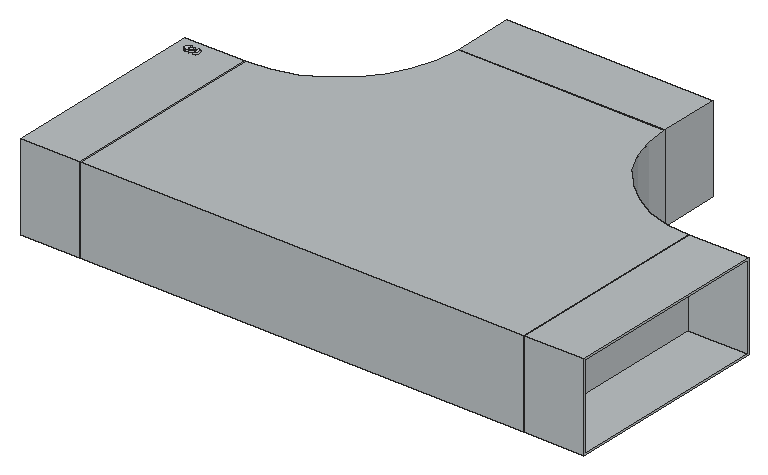
Revit family "NLRS_57_DUF_UN_instortkanaal-stromend-T-stuk-90_LT_velu", category Duct Fittings, Revit 2020
Family settings
  Round Connector Dimension = Use Diameter
  Part Type = Tee
  Work Plane-Based = No
  Always vertical = Yes
  Cut with Voids When Loaded = No
  Shared = No
Parameters (values of type "T-stuk 90 stromend")
  VELU_c03_hoogte [instance] = VELU_c01_hoogte  # 70.00 mm
  VELU_c03_breedte [instance] = VELU_c01_breedte  # 170.00 mm
  VELU_c02_hoogte [instance] = VELU_c01_hoogte  # 70.00 mm
  VELU_c02_breedte [instance] = VELU_c01_breedte  # 170.00 mm
  VELU_c01_hoogte [instance] = if(NLRS_M_c01_hoogte > 70.00 mm, 80.00 mm, 70.00 mm)  # 70.00 mm
  VELU_c01_breedte [instance] = if(VELU_c01_hoogte = 70.00 mm, 170.00 mm, if(NLRS_M_c01_breedte > 220.00 mm, 250.00 mm, if(NLRS_M_c01_breedte > 200.00 mm, 220.00 mm, if(NLRS_M_c01_breedte > 170.00 mm, 200.00 mm, 170.00 mm))))  # 170.00 mm
  VELU_Werkendelengte3 [instance] = (0.5 * VELU_c01_breedte) + VELU_Model_Radius  # 185.00 mm
  VELU_Werkendelengte [instance] = (VELU_c03_breedte) + (2 * VELU_Model_Radius)  # 370.00 mm
  VELU_Show_Warning [instance] = not(VELU_Correcte_Maatvoering)  # no
  VELU_Model_Radius [instance] = size_lookup(VELU_Article_Data, "R", 160.00 mm, VELU_c01_breedte, VELU_c01_hoogte)  # 100.00 mm
  VELU_Model [instance] = size_lookup(VELU_Article_Data, "Model", "NB", VELU_c01_breedte, VELU_c01_hoogte)  # "VIK T-stuk 170 x 70 90"
  VELU_Koppelbus_Li1 [instance] = size_lookup(VELU_Article_Data, "Li1", 50.00 mm, VELU_c01_breedte, VELU_c01_hoogte)  # 50.00 mm
  VELU_Gewicht [instance] = size_lookup(VELU_Article_Data, "kg", 0, VELU_c01_breedte, VELU_c01_hoogte) * 1.00 kg / 100  # 1.20 kg
  VELU_Foutmelding [instance] = if(VELU_Show_Warning, "Ongeldige instort maatvoering!", " ")  # " "
  VELU_Correcte_Maatvoering [instance] = (and(NLRS_M_c01_breedte = VELU_c01_breedte, NLRS_M_c01_hoogte = VELU_c01_hoogte))  # yes
  VELU_Bim-site [instance] = "https://velu.nl/bim"
  VELU_Artikel_code [instance] = size_lookup(VELU_Article_Data, "", "NB", VELU_c01_breedte, VELU_c01_hoogte)  # "5110000111"
  VELU_Article_Data = "T90"  # constant formula
  built-in parameter 1114242 [instance] = 1 = 0  # (empty or 0)
  URL = "https://webshop.velu.nl/overige-woningbouw-componenten/"
  Type Comments = "Enkel geschikt voor VELU instort kanaal maten"  # constant formula
  NLRS_M_c03_hoogte [instance] = NLRS_M_c01_hoogte  # 70.00 mm
  NLRS_M_c03_breedte [instance] = NLRS_M_c01_breedte  # 170.00 mm
  NLRS_M_c02_hoogte [instance] = NLRS_M_c01_hoogte  # 70.00 mm
  NLRS_M_c02_breedte [instance] = NLRS_M_c01_breedte  # 170.00 mm
  NLRS_M_c01_hoogte [instance] = 70.00 mm
  NLRS_M_c01_breedte [instance] = 170.00 mm
  NLRS_C_model [instance] = VELU_Model  # "VIK T-stuk 170 x 70 90"
  NLRS_C_description = Description  # "VELU instortkanaal: T-stuk 90, stromend"
  NLRS_C_content_versie = "3.20.01"  # constant formula
  NLRS_C_content_provider = "Velu Klimaattechnische Groothandel"  # constant formula
  NLRS_C_content_datum_gewijzigd = "18-01-2023"  # constant formula
  NLRS_C_content_creator = "J. Feeke"  # constant formula
  Model = "VIK T-stuk, stromend"  # constant formula
  Manufacturer = "Velu Klimaattechnische Groothandel"  # constant formula
  Description = "VELU instortkanaal: T-stuk 90, stromend"  # constant formula
  Default Elevation = 0.00 mm
  Assembly Code = "57.00"
Reference planes
  plane 1 "Center (Front/Back)": y = 0
  plane 2: z = 0
  plane 3 "Center (Left/Right)": x = 0
  plane 4: x = -85
  plane 5: x = 85
  plane 6: y = 85
  plane 7: y = -85
  plane 8: y = 86
  plane 9: y = -86
  plane 10: x = -86
  plane 11: x = 86
  plane 12: x = -185
  plane 13: x = 185
  plane 14: y = 185
  plane 15: z = 35
  plane 16: z = -35
  plane 17: z = 36
  plane 18: z = -36
  plane 19: x = -235
Forms (mm)
  Extrusion 1, solid, material "VELU_Label", not visible
    sketch origin (-547.644, -297.937, 0) x (1, 0, 0) y (0, 1, 0)
      loop
        arc (546.644, 298.937) -> (545.644, 297.937) -> (546.644, 296.937) r 1
        line (546.644, 296.937) -> (546.644, 297.937) -> (547.644, 296.937) -> (547.644, 297.937) -> (546.644, 298.937)
    from 0 to 1
  Extrusion 2, solid, material "VELU_Label", not visible
    sketch origin (0, 0, 0) x (1, 0, 0) y (0, 1, 0)
      loop
        arc (1, -1) -> (2, 0) -> (1, 1) r 1
        line (1, 1) -> (1, 0) -> (0, 1) -> (0, 0) -> (1, -1)
    from 0 to 1
  Extrusion 3, solid, material "NLRS_57_sendzimir verzinkt_gen_sacs", detail levels medium+fine
    sketch origin (0, 0, 0) x (1, 0, 0) y (0, 1, 0)
      loop
        line (-185, 86) -> (-185, -86) -> (185, -86) -> (185, 86)
        arc (185, 86) -> (114.996, 114.996) -> (86, 185) r 99
        line (86, 185) -> (-86, 185)
        arc (-86, 185) -> (-114.996, 114.996) -> (-185, 86) r 99
    from -36 to 36
  Sweep 4, solid, material "NLRS_57_sendzimir verzinkt_gen_sacs", detail levels medium+fine
    path in 3D
      loop
        line (-185, -86, 36) -> (-185, -86, -36) -> (-185, 86, -36) -> (-185, 86, 36) -> (-185, -86, 36)
    profile "mof : mof" origin (-185, 0, 36) x (1, 0, 0) y (0, 0, 1)
      loop
        line (0, 0) -> (-50, 0) -> (-50, -1) -> (0, -1) -> (0, 0)
  Sweep 5, solid, material "NLRS_57_sendzimir verzinkt_gen_sacs", detail levels medium+fine
    path in 3D
      loop
        line (185, 86, 36) -> (185, 86, -36) -> (185, -86, -36) -> (185, -86, 36) -> (185, 86, 36)
    profile "mof : mof" origin (185, 0, 36) x (-1, 0, 0) y (0, 0, 1)
      loop
        line (0, 0) -> (-50, 0) -> (-50, -1) -> (0, -1) -> (0, 0)
  Sweep 6, solid, material "NLRS_57_sendzimir verzinkt_gen_sacs", detail levels medium+fine
    path in 3D
      loop
        line (-86, 185, 36) -> (-86, 185, -36) -> (86, 185, -36) -> (86, 185, 36) -> (-86, 185, 36)
    profile "mof : mof" origin (0, 185, 36) x (0, -1, 0) y (0, 0, 1)
      loop
        line (0, 0) -> (-50, 0) -> (-50, -1) -> (0, -1) -> (0, 0)
Lines and regions (mm)
  sketch lines
    curve 1: line (-185, 86, 36) -> (-185, -86, 36)
    curve 2: line (-185, 86, 36) -> (-185, 86, -36)
    curve 3: line (-185, -86, -36) -> (-185, 86, -36)
    curve 4: line (-185, -86, 36) -> (-185, -86, -36)
    curve 5: line (185, -86, 36) -> (185, 86, 36)
    curve 6: line (185, -86, 36) -> (185, -86, -36)
    curve 7: line (185, 86, -36) -> (185, -86, -36)
    curve 8: line (185, 86, 36) -> (185, 86, -36)
    curve 9: line (86, 185, 36) -> (-86, 185, 36)
    curve 10: line (-86, 185, 36) -> (-86, 185, -36)
    curve 11: line (-86, 185, -36) -> (86, 185, -36)
    curve 12: line (86, 185, 36) -> (86, 185, -36)
  model lines, detail levels coarse
    curve 13: line (-185, 0, 0) -> (0, 0, 0)
    curve 14: line (0, 0, 0) -> (185, 0, 0)
    curve 15: line (0, 185, 0) -> (0, 0, 0)
Dimensions and locks
  equal spacing: plane 6, plane 1 "Center (Front/Back)", plane 7
  equal spacing: plane 4, plane 3 "Center (Left/Right)", plane 5
  "VELU_c01_breedte": plane 6 to plane 7
  "VELU_c03_breedte": plane 4 to plane 5
  locked: plane 10 to plane 4 at 1
  locked: plane 5 to plane 11 at 1
  locked: plane 8 to plane 6 at 1
  locked: plane 7 to plane 9 at 1
  "VELU_Model_Radius": plane 12 to plane 4
  "VELU_Model_Radius": plane 5 to plane 13
  "VELU_Model_Radius": plane 14 to plane 6
  equal spacing: plane 15, level, plane 16
  "VELU_c01_hoogte": plane 15 to plane 16
  locked: plane 16 to plane 18 at 1
  locked: plane 17 to plane 15 at 1
  "VELU_Koppelbus_Li1": plane 19 to plane 12
  locked: plane 8 to nested 2 at 11.5
  locked: plane 19 to nested 2 at 15
  locked: plane 8 to nested 1 at 11.5
  locked: plane 19 to nested 1 at 15
  locked: connector elem to curve 15
  locked: connector elem to curve 13
  locked: curve 14 to connector elem
  aligned and locked: level to plane 2
  aligned and locked: plane 12 to Extrusion 3 sketch curve  (x2)
  aligned and locked: Extrusion 3 sketch curve to plane 14
  aligned and locked: Extrusion 3 sketch curve to plane 13
  aligned and locked: plane 9 to Extrusion 3 sketch curve
  aligned and locked: plane 14 to Extrusion 3 sketch curve  (x2)
  aligned and locked: plane 13 to Extrusion 3 sketch curve
  aligned and locked: Extrusion 3 to plane 18
  aligned and locked: plane 17 to Extrusion 3
  aligned and locked: plane 14 to curve 15
  aligned and locked: plane 12 to curve 13
  aligned and locked: plane 13 to curve 14
Automatic sketch dimensions
  plane 1 "Center (Front/Back)" to Extrusion 1 sketch curve = 0.00 mm  (x3)
  Extrusion 1 sketch curve to plane 3 "Center (Left/Right)" = 0.00 mm
  Extrusion 1 sketch curve to plane 3 "Center (Left/Right)" = 1.00 mm
  Extrusion 1 sketch curve to Extrusion 1 sketch curve = 1.00 mm  (x2)
  plane 1 "Center (Front/Back)" to Extrusion 2 sketch curve = 0.00 mm  (x3)
  Extrusion 2 sketch curve to plane 3 "Center (Left/Right)" = 0.00 mm
  plane 3 "Center (Left/Right)" to Extrusion 2 sketch curve = 1.00 mm
  Extrusion 2 sketch curve to Extrusion 2 sketch curve = 1.00 mm
  Extrusion 2 sketch curve to Extrusion 2 sketch curve = 0.00 mm
  Extrusion 3 sketch curve to plane 11 = 0.00 mm
  Extrusion 3 sketch curve to plane 8 = 0.00 mm
Nested families
  nested 1: "logo_single" at (-220, 74.5, 36.5) x (-1, 0, 0) z (0, 0, 1), type "logo_single", detail levels medium+fine
  nested 2: "logo_single" at (-220, 74.5, -37.5), type "logo_single", detail levels medium+fine
  nested 3: "Warning_R20" at (0, 0, 0), visible <- "VELU_Show_Warning", type "Warning_R20"
Connectors
  hvac at (185, 0, 0), driven by "NLRS_M_c01_hoogte", driven by "NLRS_M_c01_breedte"
    settings: on Extrusion 3, index 1, duct flow 0.0 L/s, flow factor 0, pres drop 0.0 Pa, loss coef 0, conn angle 0.00°, conn width 170 mm, conn height 70 mm, conn diameter 609.6 mm, duct sys type 28, conn prof type 1, flow config 0, flow direction 0, loss method 0, conn ref index 2, conn util no, is conn primary yes, conn desc ""
  hvac at (-185, 0, 0), driven by "NLRS_M_c01_hoogte", driven by "NLRS_M_c01_breedte"
    settings: on Extrusion 3, index 2, duct flow 0.0 L/s, flow factor 0, pres drop 0.0 Pa, loss coef 0, conn angle 0.00°, conn width 170 mm, conn height 70 mm, conn diameter 609.6 mm, duct sys type 28, conn prof type 1, flow config 0, flow direction 0, loss method 0, conn ref index 1, conn util no, is conn primary no, conn desc ""
  hvac at (0, 185, 0), driven by "NLRS_M_c01_hoogte", driven by "NLRS_M_c01_breedte"
    settings: on Extrusion 3, index 3, duct flow 0.0 L/s, flow factor 0, pres drop 0.0 Pa, loss coef 0, conn angle 0.00°, conn width 170 mm, conn height 70 mm, conn diameter 609.6 mm, duct sys type 28, conn prof type 1, flow config 0, flow direction 0, loss method 0, conn ref index -1, conn util no, is conn primary no, conn desc ""
Definition of nested family "logo_single"
  Parameters (values of type "logo_single")
    t = 3.00 mm
    Model = ""
    Description = ""
    Default Elevation = 0.00 mm
  Reference planes
    plane 1 "Center (Front/Back)": y = 0
    plane 2: z = 0
    plane 3 "Center (Left/Right)": x = 0
    plane 4: x = -6
    plane 5: y = -3
    plane 6: y = 3
    plane 7: x = -3
    plane 8: x = 3
    plane 9: x = 6
  Forms (mm)
    Extrusion 1, solid
      sketch origin (-547.644, -297.937, 0) x (1, 0, 0) y (0, 1, 0)
        loop
          arc (544.644, 300.937) -> (541.644, 297.937) -> (544.644, 294.937) r 3
          line (544.644, 294.937) -> (544.644, 297.937) -> (547.644, 294.937) -> (547.644, 297.937) -> (544.644, 300.937)
      from 0 to 1
    Extrusion 2, solid
      sketch origin (0, 0, 0) x (1, 0, 0) y (0, 1, 0)
        loop
          arc (3, -3) -> (6, 0) -> (3, 3) r 3
          line (3, 3) -> (3, 0) -> (0, 3) -> (0, 0) -> (3, -3)
      from 0 to 1
  Dimensions and locks
    "t": plane 6 to plane 1 "Center (Front/Back)"
    "t": plane 5 to plane 1 "Center (Front/Back)"
    "t": plane 4 to plane 7
    "t": plane 7 to plane 3 "Center (Left/Right)"
    "t": plane 3 "Center (Left/Right)" to plane 8
    "t": plane 8 to plane 9
    aligned and locked: level to plane 2
  Automatic sketch dimensions
    plane 1 "Center (Front/Back)" to Extrusion 1 sketch curve = 0.00 mm  (x3)
    Extrusion 1 sketch curve to plane 7 = 0.00 mm
    Extrusion 1 sketch curve to plane 6 = 0.00 mm
    Extrusion 1 sketch curve to plane 3 "Center (Left/Right)" = 0.00 mm
    Extrusion 1 sketch curve to plane 5 = 0.00 mm
    Extrusion 2 sketch curve to plane 3 "Center (Left/Right)" = 0.00 mm
    plane 1 "Center (Front/Back)" to Extrusion 2 sketch curve = 0.00 mm  (x3)
    Extrusion 2 sketch curve to plane 5 = 0.00 mm
    Extrusion 2 sketch curve to plane 8 = 0.00 mm
    Extrusion 2 sketch curve to plane 6 = 0.00 mm
Definition of nested family "Warning_R20"
  Parameters (values of type "Warning_R20")
    TW = 51.60 mm * Scale  # 51.60 mm
    TH = 75.00 mm * Scale  # 75.00 mm
    Scale = 1
    CO = 50.00 mm * Scale  # 50.00 mm
    CD = 50.00 mm * Scale  # 50.00 mm
    BW = 40.00 mm * Scale  # 40.00 mm
    BH = 12.00 mm * Scale  # 12.00 mm
  Reference planes
    plane 1 "Center (Front/Back)": y = 0
    plane 2: z = 0
    plane 3 "Center (Left/Right)": x = 0
  Lines and regions (mm)
    Filled region 1, type "Solid Fill - Black", in view "Ref. Level"
      outline origin (0, 0, 0) x (1, 0, 0) y (0, 1, 0)
        loop
          line (-25.8, 75) -> (-20, -12) -> (20, -12) -> (25.8, 75) -> (-25.8, 75)
        loop
          circle (0, -50) r 25
  Dimensions and locks
    equal spacing: Filled region 1 sketch curve, plane 3 "Center (Left/Right)", Filled region 1 sketch curve  (x2)
    "TH": plane 1 "Center (Front/Back)" to Filled region 1 sketch curve
    "BH": Filled region 1 sketch curve to plane 1 "Center (Front/Back)"
    "CO": Filled region 1 sketch curve to plane 1 "Center (Front/Back)"
    "TW": Filled region 1 sketch curve to Filled region 1 sketch curve
    "BW": Filled region 1 sketch curve to Filled region 1 sketch curve
    "CD": diameter of Filled region 1 sketch curve
    aligned and locked: plane 3 "Center (Left/Right)" to Filled region 1 sketch curve
